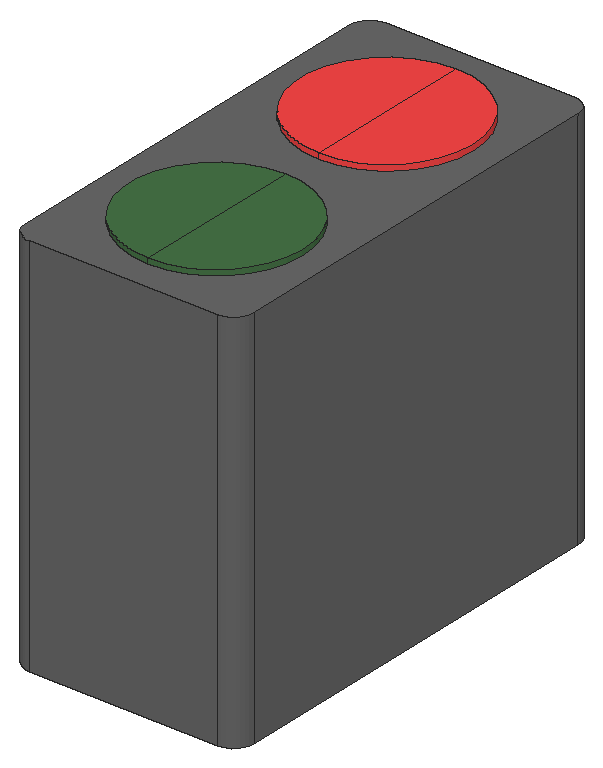
Revit family "Domotics-DomesticRanges-GEWISS-SYSTEM_SIGNALLING-LAMP_DOUBLE_1M", category Apparecchi elettrici, host Superficie, Revit 2016
Family settings
  Host = Superficie
  Mantenere orientamento annotazione = Sì
  Tipo di parte = Normale
  Quota connettore circolare = Usa diametro
  Taglio con vuoti quando caricato = Sì
  Condiviso = Sì
  Punto di calcolo locali = Sì
Parameters (values of type "GW21608 - Double ind.light-red/green 12/24V black")
  Volt = 230 V
  Vista in pianta [instance] = yes
  Version file RFA = "19.4"
  URL = "https://www.gewiss.com/ww/en"
  Type: = "Double"
  Type = "Double"
  Technical sheet = "https://www.gewiss.com/ww/en/search?q=GW21608"
  TIPO_ = System Spie Doppie 1M_GENERICO : GW21608 Spia segnalazione doppia rosso/verde 12/24V nero
  Simbolo [instance] = yes
  SEO = "Indicator"
  Realized by GEWISS S.p.A. = ""
  Default Elevation = 1219.2 mm
  Produttore = "GEWISS S.p.A."
  Offset presa [instance] = 0 mm
  Offset bidimensionale [instance] = 39 mm
  No. SYSTEM modules = "1"
  N. poli = 1
  Modello = "GW21608"
  Lamp voltage = "12-24V ac/dc"
  Immagine tipo = GW21608.jpg
  IFC.TypeObject = ""
  IFC.ExportType = ""
  IFC.ExportAs = ""
  IDT = "7aee3e4a-9bac-4835-8ee0-70a5faa2074a"
  IDF = "fa8715cc-8835-4c7b-a9ed-edc2e44da95e"
  Electrocod = "0132"
  EAN code = "8011564129757"
  Distanza_x [instance] = 0 mm
  Distanza_effettiva_y [instance] = 100 mm
  Distanza_effettiva_x [instance] = 1000 mm - Distanza_x  # 1000 mm
  Distanza orizzontale del simbolo [instance] = 74.091 mm
  Distanza dal muro [instance] = 4.208 mm
  Diffusor type = "Flat"
  Diffuser colour: = "Red/green"
  Diffuser colour = "Red/green"
  Descrizione = "DOUBLE IND.LIGHT-RED/GREEN 12/24V SY/BK"
  Description. = "Double flat indicator lamp"
  Colour = "Black"
  Catalogue Range = "SYSTEM - DOMESTIC RANGE"
  Catalogue = "DOMOTICS"
  Carico apparente = 0 VA
  COBie.Tagnumber = ""
  COBie.CreatedOn = ""
  COBie.CreatebBy = ""
  COBie.ComponentRegisterItemID = ""
  COBie.Component.TagNumber = ""
  COBie.Component.Space = ""
  COBie.Component.SerialNumber = ""
  COBie.Component.InstallationDate = ""
  COBie.Component.Description = ""
  COBie.Component.BarCode = ""
Types (4, lengths in mm): name | Technical sheet | TIPO_ | Modello | Lamp voltage | Immagine tipo | IDT | EAN code | Descrizione | Colour
  GW20607 - Double ind.light-red/green 230V white | "https://www.gewiss.com/ww/en/search?q=GW20607" | System Spie Doppie 1M_GENERICO : GW20607 Spia segnalazione doppia rosso/verde 230V bianco | "GW20607" | "230V ac" | GW20607.jpg | "1cd5ae72-bc92-453c-af9e-ee3e34760a24" | "8011564001008" | "DOUBLE IND.LIGHT-RED/GREEN 230V SY/WT" | "White"
  GW20608 - Double ind.light-red/green 12/24V white | "https://www.gewiss.com/ww/en/search?q=GW20608" | System Spie Doppie 1M_GENERICO : GW20608 Spia segnalazione doppia rosso/verde 12/24V bianco | "GW20608" | "12-24V ac/dc" | GW20608.jpg | "984f2e84-6e75-4a33-987c-e773a395bb1b" | "8011564001015" | "DOUBLE IND.LIGHT-RED/GREEN 12/24V SY/WT" | "White"
  GW21607 - Double ind.light-red/green 230V black | "https://www.gewiss.com/ww/en/search?q=GW21607" | System Spie Doppie 1M_GENERICO : GW21607 Spia segnalazione doppia rosso/verde 230V nero | "GW21607" | "230V ac" | GW21607.jpg | "2be58f88-4f98-4f85-98ee-bc40f407b7a7" | "8011564129740" | "DOUBLE IND.LIGHT-RED/GREEN 230V SY/BK" | "Black"
  GW21608 - Double ind.light-red/green 12/24V black | "https://www.gewiss.com/ww/en/search?q=GW21608" | System Spie Doppie 1M_GENERICO : GW21608 Spia segnalazione doppia rosso/verde 12/24V nero | "GW21608" | "12-24V ac/dc" | GW21608.jpg | "7aee3e4a-9bac-4835-8ee0-70a5faa2074a" | "8011564129757" | "DOUBLE IND.LIGHT-RED/GREEN 12/24V SY/BK" | "Black"
Reference planes
  plane 1 "Centro (Fronte/Retro)": y = 0
  plane 2: z = 0
  plane 3 "Centro (Sinistra/Destra)": x = 0
  plane 4: x = -1000
  plane 5: x = 0
  plane 6: y = 100
  plane 7: z = 0
  plane 8: z = 39
Lines and regions (mm)
  Masking region 1, visible <- "Vista in pianta"
    outline origin (0, 0, 0) x (1, 0, 0) y (0, 1, 0)
      loop
        line (9.5, 22.5) -> (-9.5, 22.5)
        arc (-9.5, 22.5) -> (-10.914, 21.914) -> (-11.5, 20.5) r 2
        line (-11.5, 20.5) -> (-11.5, -20.5)
        arc (-11.5, -20.5) -> (-10.914, -21.914) -> (-9.5, -22.5) r 2
        line (-9.5, -22.5) -> (9.5, -22.5)
        arc (9.5, -22.5) -> (10.914, -21.914) -> (11.5, -20.5) r 2
        line (11.5, -20.5) -> (11.5, 20.5)
        arc (11.5, 20.5) -> (10.914, 21.914) -> (9.5, 22.5) r 2
      loop
        circle (0, 10.786) r 8.691
      loop
        circle (0, -10.786) r 8.709
  Masking region 2, visible <- "Vista in pianta"
    outline origin (0, 0, 0) x (1, 0, 0) y (0, 0, 1)
      loop
        line (-11.5, 39) -> (-11.5, 0) -> (11.5, 0) -> (11.5, 39) -> (-11.5, 39)
  Masking region 3, visible <- "Vista in pianta"
    outline origin (0, 0, 0) x (0, 1, 0) y (0, 0, 1)
      loop
        line (-22.5, 39) -> (-22.5, 0) -> (22.5, 0) -> (22.5, 39) -> (-22.5, 39)
Dimensions and locks
  plane 4 to plane 3 "Centro (Sinistra/Destra)" = 1000 mm
  "Distanza_effettiva_x": plane 4 to plane 5
  "Distanza_effettiva_y": plane 6 to plane 1 "Centro (Fronte/Retro)"
  "Offset bidimensionale": plane 8 to host face
  "Offset presa": plane 7 to host face
  aligned and locked: plane 2 to host face
  aligned and locked: level to host face
  aligned and locked: plane 3 "Centro (Sinistra/Destra)" to nested 1
  aligned and locked: plane 1 "Centro (Fronte/Retro)" to nested 1
  aligned and locked: plane 5 to nested 2
  aligned and locked: nested 2 to plane 6
  aligned and locked: Masking region 1 sketch curve to nested 1  (x4)
  aligned and locked: Masking region 2 sketch curve to nested 1  (x4)
  aligned and locked: Masking region 3 sketch curve to nested 1  (x4)
  aligned and locked: import instance to plane 8
  aligned and locked: nested 1 to plane 7
Automatic sketch dimensions
  host sketch curve to host sketch curve = 2438.4 mm  (x2)
  Masking region 1 sketch curve to plane 3 "Centro (Sinistra/Destra)" = 0 mm  (x2)
  Masking region 1 sketch curve to plane 1 "Centro (Fronte/Retro)" = 10.786 mm
  Masking region 1 sketch curve to plane 1 "Centro (Fronte/Retro)" = 2.095 mm
  Masking region 1 sketch curve to Masking region 1 sketch curve = 0 mm  (x2)
  plane 1 "Centro (Fronte/Retro)" to Masking region 1 sketch curve = 10.786 mm
  Masking region 1 sketch curve to Masking region 1 sketch curve = 8.709 mm
Nested families
  nested 1: "System Spie Doppie 1M_GENERICO" at (0, 0, 0), type <- "TIPO_", type "GW21608 Spia segnalazione doppia rosso/verde 12/24V nero", detail levels medium+fine
  nested 2: "SPIE" at (0, 100, 0), Distanza dal muro <- "Distanza dal muro", SIMBOLO <- "Simbolo", visible <- "Simbolo", type "SPIE DOPPIE"
    with SIMBOLO yes, Distanza dal muro 4.208 mm, BORDO ACCESO yes
Connectors
  electrical at (0, 0, 0), driven by "N. poli", driven by "Volt", driven by "Carico apparente"
    settings: on nested 1, index 1, voltage 230 V, apparent load 0 VA, apparent load phase1 0 VA, apparent load phase2 0 VA, apparent load phase3 0 VA, power factor 1, load classification "Altro", number of poles 1, system type 31, power factor state 1, is connector primary yes, connector utility no, sub classification motor no, connector description ""
Definition of nested family "System Spie Doppie 1M_GENERICO"
  Parameters (values of type "GW21608 Spia segnalazione doppia rosso/verde 12/24V nero")
    Profondità presa = 39 mm
    Finitura Spia 1M Verde = none
    Finitura Spia 1M Rosso = none
    Finitura Spia 1M = none
    Altezza da Terra = 750 mm
  Types (4, lengths in mm): name | Altezza da Terra
    GW20607 Spia segnalazione doppia rosso/verde 230V bianco | 1142.791
    GW20608 Spia segnalazione doppia rosso/verde 12/24V bianco | 1142.791
    GW21607 Spia segnalazione doppia rosso/verde 230V nero | 1142.791
    GW21608 Spia segnalazione doppia rosso/verde 12/24V nero | 750
  Reference planes
    plane 1 "Centro (Fronte/Retro)": y = 0
    plane 2: z = 0
    plane 3 "Centro (Sinistra/Destra)": x = 0
    plane 4: z = 39
  Forms (mm)
    Extrusion 1, solid, material <- "Finitura Spia 1M"
      sketch origin (0, -772.5, 39) x (1, 0, 0) y (0, 1, 0)
        loop
          line (-9.5, 750) -> (9.5, 750)
          arc (9.5, 750) -> (10.914, 750.586) -> (11.5, 752) r 2
          line (11.5, 752) -> (11.5, 793)
          arc (11.5, 793) -> (10.914, 794.414) -> (9.5, 795) r 2
          line (9.5, 795) -> (-9.5, 795)
          arc (-9.5, 795) -> (-10.914, 794.414) -> (-11.5, 793) r 2
          line (-11.5, 793) -> (-11.5, 752)
          arc (-11.5, 752) -> (-10.914, 750.586) -> (-9.5, 750) r 2
      from 0 to -39
    Extrusion 2, void
      sketch origin (0, -772.5, 39) x (1, 0, 0) y (0, 1, 0)
        loop
          circle (0, 783.286) r 8.691
        loop
          circle (0, 761.714) r 8.709
      from -0.5 to 0
    Revolve 3, solid, material <- "Finitura Spia 1M Verde"
      sketch origin (0, -772.5, 39) x (0, 0, -1) y (0, 1, 0)
        loop
          line (0.5, 761.714) -> (-0.5, 761.714) -> (-0.5, 753.006) -> (0.5, 753.006) -> (0.5, 761.714)
        axis (0.5, 761.714) -> (-0.5, 761.714)
      angle from 0 to 360
    Revolve 4, solid, material <- "Finitura Spia 1M Rosso"
      sketch origin (0, -772.5, 39) x (0, 0, -1) y (0, 1, 0)
        loop
          line (0.5, 783.286) -> (-0.532, 783.286) -> (-0.532, 774.595) -> (0.5, 774.595) -> (0.5, 783.286)
        axis (0.5, 783.286) -> (-0.532, 783.286)
      angle from 0 to 360
  Cuts and joins
    Extrusion 2 cuts Extrusion 1
  Dimensions and locks
    "Profondità presa": plane 4 to level
    aligned and locked: level to plane 2
    aligned and locked: Extrusion 1 to level
  Automatic sketch dimensions
    Extrusion 1 sketch curve to plane 3 "Centro (Sinistra/Destra)" = 11.5 mm
    Extrusion 1 sketch curve to Extrusion 1 sketch curve = 2 mm  (x3)
    plane 3 "Centro (Sinistra/Destra)" to Extrusion 1 sketch curve = 9.5 mm  (x2)
    plane 1 "Centro (Fronte/Retro)" to Extrusion 1 sketch curve = 22.5 mm
    Extrusion 1 sketch curve to plane 1 "Centro (Fronte/Retro)" = 20.5 mm
    Extrusion 2 sketch curve to Extrusion 2 sketch curve = 0 mm  (x4)
    Extrusion 2 sketch curve to plane 3 "Centro (Sinistra/Destra)" = 0 mm  (x2)
    plane 1 "Centro (Fronte/Retro)" to Extrusion 2 sketch curve = 10.786 mm
    Extrusion 2 sketch curve to plane 1 "Centro (Fronte/Retro)" = 10.786 mm
    Extrusion 2 sketch curve to Extrusion 2 sketch curve = 8.709 mm
    Extrusion 2 sketch curve to plane 1 "Centro (Fronte/Retro)" = 2.095 mm
    level to Revolve 3 sketch curve = 39.5 mm
    Revolve 3 sketch curve to Revolve 3 sketch curve = 1 mm
    plane 1 "Centro (Fronte/Retro)" to Revolve 3 sketch curve = 19.494 mm
    Revolve 3 sketch curve to Revolve 3 sketch curve = 8.709 mm
    Revolve 3 sketch curve to Revolve 3 sketch curve = 3.456 mm
    Revolve 3 sketch curve to Revolve 3 sketch curve = 0 mm  (x2)
    Revolve 4 sketch curve to plane 1 "Centro (Fronte/Retro)" = 2.095 mm
    level to Revolve 4 sketch curve = 39.532 mm
    Revolve 4 sketch curve to Revolve 4 sketch curve = 1.032 mm
    Revolve 4 sketch curve to Revolve 4 sketch curve = 8.691 mm
    Revolve 4 sketch curve to Revolve 4 sketch curve = 1.973 mm
    Revolve 4 sketch curve to Revolve 4 sketch curve = 0 mm  (x2)
Definition of nested family "SPIE"
  Parameters (values of type "SEGNAP")
    tipo = SPIE_BASE : SEGNAP
    SIMBOLO [instance] = yes
    Distanza dal muro [instance] = 4.208 mm
    BORDO ACCESO [instance] = yes
  Types (3, lengths in mm): name | tipo
    SPIE DOPPIE | SPIE_BASE : SPIE DOPPIE
    SPIE | SPIE_BASE : SPIE
    SEGNAP | SPIE_BASE : SEGNAP
  Reference planes
    plane 1: y = 0
    plane 2: x = 0
  Lines and regions (mm)
    detail lines, visible <- "BORDO ACCESO", not visible
      curve 1: line (-2.25, 0.412, 0) -> (2.25, 0.412, 0)
      curve 2: line (2.25, 0.412, 0) -> (2.25, -5.588, 0)
      curve 3: line (2.25, -5.588, 0) -> (-2.25, -5.588, 0)
      curve 4: line (-2.25, -5.588, 0) -> (-2.25, 0.412, 0)
      curve 30: line (-1.85, 0.012, 0) -> (1.85, 0.012, 0)
      curve 31: line (1.85, 0.012, 0) -> (1.85, -5.188, 0)
      curve 32: line (1.85, -5.188, 0) -> (-1.85, -5.188, 0)
      curve 33: line (-1.85, -5.188, 0) -> (-1.85, 0.012, 0)
      curve 34: line (-2.25, 6, 0) -> (2.25, 6, 0)
      curve 35: line (2.25, 6, 0) -> (2.25, 0, 0)
      curve 36: line (2.25, 0, 0) -> (-2.25, 0, 0)
      curve 37: line (-2.25, 0, 0) -> (-2.25, 6, 0)
      curve 61: line (-1.85, 5.6, 0) -> (1.85, 5.6, 0)
      curve 62: line (1.85, 5.6, 0) -> (1.85, 0.4, 0)
      curve 63: line (1.85, 0.4, 0) -> (-1.85, 0.4, 0)
      curve 64: line (-1.85, 0.4, 0) -> (-1.85, 5.6, 0)
      curve 65: line (-2.443, 10.208, 0) -> (2.057, 10.208, 0)
      curve 66: line (2.057, 10.208, 0) -> (2.057, 4.208, 0)
      curve 67: line (2.057, 4.208, 0) -> (-2.443, 4.208, 0)
      curve 68: line (-2.443, 4.208, 0) -> (-2.443, 10.208, 0)
      curve 69: line (-2.043, 9.808, 0) -> (1.657, 9.808, 0)
      curve 70: line (1.657, 9.808, 0) -> (1.657, 4.608, 0)
      curve 71: line (1.657, 4.608, 0) -> (-2.043, 4.608, 0)
      curve 72: line (-2.043, 4.608, 0) -> (-2.043, 9.808, 0)
    detail lines, not visible
      curve 5: line (-9.473, -5.588, 0) -> (10.527, -5.588, 0)
      curve 6: circle (-0.56, -0.487, 0) r 0.969 normal (0, 0, 1)
      curve 7: line (-0.005, 0.306, 0) -> (0.852, 1.529, 0)
      curve 8: line (0.852, 1.529, 0) -> (1.529, 1.047, 0)
      curve 9: circle (-0.56, -315.487, 0) r 0.969 normal (0, 0, 1)
      curve 10: line (-0.005, -314.694, 0) -> (0.852, -313.471, 0)
      curve 11: line (0.852, -313.471, 0) -> (1.529, -313.953, 0)
      curve 12: line (-1.245, -314.803, 0) -> (0.124, -316.172, 0)
      curve 13: line (0.124, -314.803, 0) -> (-1.245, -316.172, 0)
      curve 14: circle (-0.56, -480.487, 0) r 0.969 normal (0, 0, 1)
      curve 15: line (-0.005, -479.694, 0) -> (0.852, -478.471, 0)
      curve 16: line (0.852, -478.471, 0) -> (1.529, -478.953, 0)
      curve 17: line (0.493, -478.983, 0) -> (1.167, -479.462, 0)
      curve 18: circle (-0.56, -880.487, 0) r 0.969 normal (0, 0, 1)
      curve 19: line (-0.005, -879.694, 0) -> (0.852, -878.471, 0)
      curve 20: line (0.852, -878.471, 0) -> (1.529, -878.953, 0)
      curve 21: line (-1.245, -879.803, 0) -> (0.124, -881.172, 0)
      curve 22: line (0.124, -879.803, 0) -> (-1.245, -881.172, 0)
      curve 23: line (0.493, -878.983, 0) -> (1.167, -879.462, 0)
      curve 24: circle (-0.56, -365.487, 0) r 0.969 normal (0, 0, 1)
      curve 25: line (-0.005, -364.694, 0) -> (0.852, -363.471, 0)
      curve 26: line (0.852, -363.471, 0) -> (1.529, -363.953, 0)
      curve 27: line (-0.56, -364.925, 0) -> (-0.56, -366.05, 0)
      curve 28: line (0.493, -363.983, 0) -> (1.167, -364.462, 0)
      curve 29: line (0, 3.621, 0) -> (0, -16.379, 0)
      curve 38: circle (-0.56, 2.417, 0) r 0.969 normal (0, 0, 1)
      curve 39: line (-0.005, 3.21, 0) -> (0.852, 4.433, 0)
      curve 40: line (0.852, 4.433, 0) -> (1.529, 3.951, 0)
      curve 41: circle (-0.56, 2.417, 0) r 0.969 normal (0, 0, 1)
      curve 42: line (-0.005, 3.21, 0) -> (0.852, 4.433, 0)
      curve 43: line (0.852, 4.433, 0) -> (1.529, 3.951, 0)
      curve 44: line (-1.245, 3.102, 0) -> (0.124, 1.732, 0)
      curve 45: line (0.124, 3.102, 0) -> (-1.245, 1.732, 0)
      curve 46: circle (-0.56, 2.417, 0) r 0.969 normal (0, 0, 1)
      curve 47: line (-0.005, 3.21, 0) -> (0.852, 4.433, 0)
      curve 48: line (0.852, 4.433, 0) -> (1.529, 3.951, 0)
      curve 49: circle (-0.56, 2.417, 0) r 0.969 normal (0, 0, 1)
      curve 50: line (-0.005, 3.21, 0) -> (0.852, 4.433, 0)
      curve 51: line (0.852, 4.433, 0) -> (1.529, 3.951, 0)
      curve 52: line (-1.245, 3.102, 0) -> (0.124, 1.732, 0)
      curve 53: line (0.124, 3.102, 0) -> (-1.245, 1.732, 0)
      curve 54: line (0.493, 3.921, 0) -> (1.167, 3.442, 0)
      curve 55: line (0.493, 3.921, 0) -> (1.167, 3.442, 0)
      curve 56: circle (-0.56, 2.417, 0) r 0.969 normal (0, 0, 1)
      curve 57: line (-0.005, 3.21, 0) -> (0.852, 4.433, 0)
      curve 58: line (0.852, 4.433, 0) -> (1.529, 3.951, 0)
      curve 59: line (-0.56, 2.979, 0) -> (-0.56, 1.854, 0)
      curve 60: line (0.493, 3.921, 0) -> (1.167, 3.442, 0)
  Dimensions and locks
    aligned and locked: curve 5 to curve 3
    aligned and locked: plane 2 to nested 1
    aligned and locked: plane 1 to nested 1
  Nested families
    nested 1: "SPIE_BASE" at (0, 0, 0), BORDO ACCESO <- "BORDO ACCESO", type <- "tipo", visible <- "SIMBOLO", type "SEGNAP"
      with BORDO ACCESO yes
  Definition of nested family "SPIE_BASE"
    Parameters (values of type "SPIE DOPPIE")
      SPIE DOPPIE = yes
      SPIE = no
      SEGNAP = no
      Distanza dal muro = 4.208 mm
      BORDO ACCESO [instance] = yes
    Types (3, lengths in mm): name | SPIE DOPPIE | SPIE | SEGNAP
      SPIE | no | yes | no
      SPIE DOPPIE | yes | no | no
      SEGNAP | no | yes | yes
    Reference planes
      plane 1: y = 0
      plane 2: x = 0
    Lines and regions (mm)
      detail lines, visible <- "BORDO ACCESO", not visible
        curve 1: line (-2.25, 0.412, 0) -> (2.25, 0.412, 0)
        curve 2: line (2.25, 0.412, 0) -> (2.25, -5.588, 0)
        curve 3: line (2.25, -5.588, 0) -> (-2.25, -5.588, 0)
        curve 4: line (-2.25, -5.588, 0) -> (-2.25, 0.412, 0)
        curve 30: line (-1.85, 0.012, 0) -> (1.85, 0.012, 0)
        curve 31: line (1.85, 0.012, 0) -> (1.85, -5.188, 0)
        curve 32: line (1.85, -5.188, 0) -> (-1.85, -5.188, 0)
        curve 33: line (-1.85, -5.188, 0) -> (-1.85, 0.012, 0)
        curve 34: line (-2.25, 6, 0) -> (2.25, 6, 0)
        curve 35: line (2.25, 6, 0) -> (2.25, 0, 0)
        curve 36: line (2.25, 0, 0) -> (-2.25, 0, 0)
        curve 37: line (-2.25, 0, 0) -> (-2.25, 6, 0)
        curve 61: line (-1.85, 5.6, 0) -> (1.85, 5.6, 0)
        curve 62: line (1.85, 5.6, 0) -> (1.85, 0.4, 0)
        curve 63: line (1.85, 0.4, 0) -> (-1.85, 0.4, 0)
        curve 64: line (-1.85, 0.4, 0) -> (-1.85, 5.6, 0)
        curve 65: line (-2.443, 10.208, 0) -> (2.057, 10.208, 0)
        curve 66: line (2.057, 10.208, 0) -> (2.057, 4.208, 0)
        curve 67: line (2.057, 4.208, 0) -> (-2.443, 4.208, 0)
        curve 68: line (-2.443, 4.208, 0) -> (-2.443, 10.208, 0)
        curve 69: line (-2.043, 9.808, 0) -> (1.657, 9.808, 0)
        curve 70: line (1.657, 9.808, 0) -> (1.657, 4.608, 0)
        curve 71: line (1.657, 4.608, 0) -> (-2.043, 4.608, 0)
        curve 72: line (-2.043, 4.608, 0) -> (-2.043, 9.808, 0)
      detail lines, not visible
        curve 5: line (-9.473, -5.588, 0) -> (10.527, -5.588, 0)
        curve 6: circle (-0.56, -0.487, 0) r 0.969 normal (0, 0, 1)
        curve 7: line (-0.005, 0.306, 0) -> (0.852, 1.529, 0)
        curve 8: line (0.852, 1.529, 0) -> (1.529, 1.047, 0)
        curve 9: circle (-0.56, -315.487, 0) r 0.969 normal (0, 0, 1)
        curve 10: line (-0.005, -314.694, 0) -> (0.852, -313.471, 0)
        curve 11: line (0.852, -313.471, 0) -> (1.529, -313.953, 0)
        curve 12: line (-1.245, -314.803, 0) -> (0.124, -316.172, 0)
        curve 13: line (0.124, -314.803, 0) -> (-1.245, -316.172, 0)
        curve 14: circle (-0.56, -480.487, 0) r 0.969 normal (0, 0, 1)
        curve 15: line (-0.005, -479.694, 0) -> (0.852, -478.471, 0)
        curve 16: line (0.852, -478.471, 0) -> (1.529, -478.953, 0)
        curve 17: line (0.493, -478.983, 0) -> (1.167, -479.462, 0)
        curve 18: circle (-0.56, -880.487, 0) r 0.969 normal (0, 0, 1)
        curve 19: line (-0.005, -879.694, 0) -> (0.852, -878.471, 0)
        curve 20: line (0.852, -878.471, 0) -> (1.529, -878.953, 0)
        curve 21: line (-1.245, -879.803, 0) -> (0.124, -881.172, 0)
        curve 22: line (0.124, -879.803, 0) -> (-1.245, -881.172, 0)
        curve 23: line (0.493, -878.983, 0) -> (1.167, -879.462, 0)
        curve 24: circle (-0.56, -365.487, 0) r 0.969 normal (0, 0, 1)
        curve 25: line (-0.005, -364.694, 0) -> (0.852, -363.471, 0)
        curve 26: line (0.852, -363.471, 0) -> (1.529, -363.953, 0)
        curve 27: line (-0.56, -364.925, 0) -> (-0.56, -366.05, 0)
        curve 28: line (0.493, -363.983, 0) -> (1.167, -364.462, 0)
        curve 29: line (0, 3.621, 0) -> (0, -16.379, 0)
        curve 38: circle (-0.56, 2.417, 0) r 0.969 normal (0, 0, 1)
        curve 39: line (-0.005, 3.21, 0) -> (0.852, 4.433, 0)
        curve 40: line (0.852, 4.433, 0) -> (1.529, 3.951, 0)
        curve 41: circle (-0.56, 2.417, 0) r 0.969 normal (0, 0, 1)
        curve 42: line (-0.005, 3.21, 0) -> (0.852, 4.433, 0)
        curve 43: line (0.852, 4.433, 0) -> (1.529, 3.951, 0)
        curve 44: line (-1.245, 3.102, 0) -> (0.124, 1.732, 0)
        curve 45: line (0.124, 3.102, 0) -> (-1.245, 1.732, 0)
        curve 46: circle (-0.56, 2.417, 0) r 0.969 normal (0, 0, 1)
        curve 47: line (-0.005, 3.21, 0) -> (0.852, 4.433, 0)
        curve 48: line (0.852, 4.433, 0) -> (1.529, 3.951, 0)
        curve 49: circle (-0.56, 2.417, 0) r 0.969 normal (0, 0, 1)
        curve 50: line (-0.005, 3.21, 0) -> (0.852, 4.433, 0)
        curve 51: line (0.852, 4.433, 0) -> (1.529, 3.951, 0)
        curve 52: line (-1.245, 3.102, 0) -> (0.124, 1.732, 0)
        curve 53: line (0.124, 3.102, 0) -> (-1.245, 1.732, 0)
        curve 54: line (0.493, 3.921, 0) -> (1.167, 3.442, 0)
        curve 55: line (0.493, 3.921, 0) -> (1.167, 3.442, 0)
        curve 56: circle (-0.56, 2.417, 0) r 0.969 normal (0, 0, 1)
        curve 57: line (-0.005, 3.21, 0) -> (0.852, 4.433, 0)
        curve 58: line (0.852, 4.433, 0) -> (1.529, 3.951, 0)
        curve 59: line (-0.56, 2.979, 0) -> (-0.56, 1.854, 0)
        curve 60: line (0.493, 3.921, 0) -> (1.167, 3.442, 0)
      detail lines, visible <- "SPIE"
        curve 73: line (-0.354, 1.604, 0) -> (0.354, 0.896, 0)
        curve 74: circle (0, 1.25, 0) r 0.5 normal (0, 0, 1)
        curve 75: line (0.354, 1.604, 0) -> (-0.354, 0.896, 0)
      detail lines, visible <- "SPIE DOPPIE"
        curve 76: line (-0.354, 2.152, 0) -> (0.354, 1.445, 0)
        curve 77: circle (0, 1.799, 0) r 0.5 normal (0, 0, 1)
        curve 78: line (0.354, 2.152, 0) -> (-0.354, 1.445, 0)
        curve 79: line (-0.354, 0.348, 0) -> (0.354, 1.055, 0)
        curve 80: circle (0, 0.701, 0) r 0.5 normal (0, 0, -1)
        curve 81: line (0.354, 0.348, 0) -> (-0.354, 1.055, 0)
      detail lines, visible <- "SEGNAP"
        curve 82: line (-0.77, 1.96, 0) -> (0.77, 1.96, 0)
        curve 83: line (-0.77, 0.543, 0) -> (-0.77, 1.96, 0)
        curve 84: line (0.77, 0.543, 0) -> (-0.77, 0.543, 0)
        curve 85: line (0.77, 1.96, 0) -> (0.77, 0.543, 0)
    Dimensions and locks
      aligned and locked: curve 5 to curve 3
